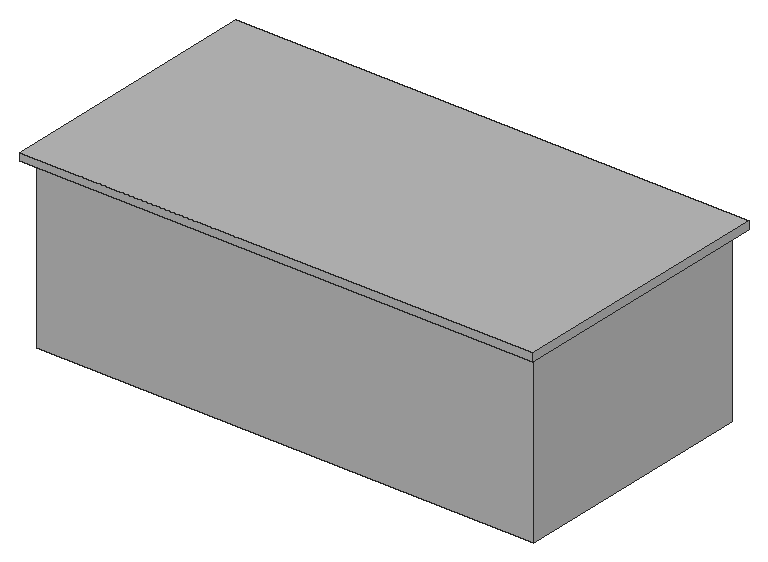
Revit family "Haworth_Worksurface_FlipTopUnit", category Furniture Systems, Revit 2018
Family settings
  Round Connector Dimension = Use Diameter
  Part Type = Normal
  OmniClass Number = 23.40.70.14.64.21
  OmniClass Title = Systems Furniture
  Work Plane-Based = Yes
  Always vertical = Yes
  Cut with Voids When Loaded = No
  Shared = No
  Room Calculation Point = No
Parameters (values of type "Single Sided")
  Warranty = "http://www.haworth.com/resources/product-info/warranties"
  URL - Product = "www.haworth.com/products/tables/training/planes"
  URL = "www.haworth.com"
  Sustainability Info = "http://www.haworth.com/company-info/sustainablility"
  Size = "Verify Final Dim. w/ Haworth"  # constant formula
  Single Sided = not(or(Single Sided Wide, Double Sided, Double Sided Wide))  # yes
  Single Sided Wide = no
  Revision Number = "3"  # constant formula
  Model = "Haworth - Worksurface - Flip Top Unit"  # constant formula
  Manufacturer = "Haworth"  # constant formula
  Flip Top Finish = Haworth _ Paint _ Metallic Champagne
  Double Sided = no
  Double Sided Wide = no
  Description = "Haworth - Worksurface - Flip Top Unit"  # constant formula
  Default Elevation = 48"
  Author = "SHAPE Environments, LLC"  # constant formula
  Assembly Code = "E2020200"
  Actual Width = if(or(Double Sided Wide, Single Sided Wide), 11 1/4", 8 5/16")  # 8 5/16"
  Actual Depth = if(or(Double Sided Wide, Double Sided), 8", 4 3/8")  # 4 3/8"
Types (4): name | Single Sided | Single Sided Wide | Double Sided | Double Sided Wide | Actual Width | Actual Depth
  Single Sided | yes | no | no | no | 8 5/16" | 4 3/8"
  Single Sided Wide | no | yes | no | no | 11 1/4" | 4 3/8"
  Double Sided | no | no | yes | no | 8 5/16" | 8"
  Double Sided Wide | no | no | no | yes | 11 1/4" | 8"
Reference planes (in)
  plane 1 "Center F/B": y = 0.05249
  plane 2: z = 0
  plane 3 "Center L/R": x = 0.57037
  plane 4 "Back": y = 2.23999
  plane 5 "Right": x = 4.72662
  plane 6 "Front": y = -2.13501
  plane 7 "Left": x = -3.58588
  plane 8 "Table Height": z = 0
  plane 9: z = 0.125
  plane 10: x = -3.46088
  plane 11: x = 4.60162
  plane 12: z = -2.75
  plane 13: y = 2.05249
  plane 14: y = -1.94751
Forms (in)
  Extrusion 1, solid, material "Haworth _ Paint _ Metallic Champagne" <- "Flip Top Finish"
    sketch origin (0, 0, 0) x (-1, 0, 0) y (0, -1, 0)
      loop
        line (3.58588, -2.23999) -> (3.58588, 2.13501) -> (-4.72662, 2.13501) -> (-4.72662, -2.23999) -> (3.58588, -2.23999)
    from 0 to 0.125
  Extrusion 2, solid, material "Haworth _ Paint _ Metallic Champagne" <- "Flip Top Finish"
    sketch origin (0, 0, 0) x (-1, 0, 0) y (0, -1, 0)
      loop
        line (3.46088, -2.05249) -> (3.46088, 1.94751) -> (-4.60162, 1.94751) -> (-4.60162, -2.05249) -> (3.46088, -2.05249)
    from 0 to -2.75
Cuts and joins
  joined: Extrusion 1, Extrusion 2
Lines and regions (in)
  Masking region 1
    outline origin (0, 0, 0) x (1, 0, 0) y (0, 1, 0)
      loop
        line (-3.58588, 2.23999) -> (-3.58588, -2.13501) -> (4.72662, -2.13501) -> (4.72662, 2.23999) -> (-3.58588, 2.23999)
Dimensions and locks (in)
  equal spacing: plane 7 "Left", plane 3 "Center L/R", plane 5 "Right"
  "Actual Width": plane 7 "Left" to plane 5 "Right"
  equal spacing: plane 6 "Front", plane 1 "Center F/B", plane 4 "Back"
  "Actual Depth": plane 4 "Back" to plane 6 "Front"
  plane 7 "Left" to Extrusion 2 sketch curve = 1/8"
  plane 4 "Back" to Extrusion 2 sketch curve = 3/16"
  Extrusion 2 sketch curve to plane 5 "Right" = 1/8"
  Extrusion 2 sketch curve to plane 6 "Front" = 3/16"
  locked: plane 8 "Table Height" to level
  aligned and locked: plane 7 "Left" to Extrusion 1 sketch curve
  aligned and locked: Extrusion 1 sketch curve to plane 4 "Back"
  aligned and locked: plane 6 "Front" to Extrusion 1 sketch curve
  aligned and locked: Extrusion 1 sketch curve to plane 5 "Right"
  aligned and locked: cut or joined group of Extrusion 1, Extrusion 2 to plane 8 "Table Height"
  aligned and locked: plane 9 to Extrusion 1
  aligned and locked: plane 8 "Table Height" to cut or joined group of Extrusion 1, Extrusion 2
  aligned and locked: plane 11 to Extrusion 2
  aligned and locked: Extrusion 2 to plane 10
  aligned and locked: cut or joined group of Extrusion 1, Extrusion 2 to plane 12
  aligned and locked: Extrusion 2 to plane 13
  aligned and locked: plane 14 to Extrusion 2
Automatic sketch dimensions
  Masking region 1 sketch curve to plane 6 "Front" = 0"
  Masking region 1 sketch curve to plane 7 "Left" = 0"
  Masking region 1 sketch curve to plane 5 "Right" = 0"
  Masking region 1 sketch curve to plane 4 "Back" = 0"
